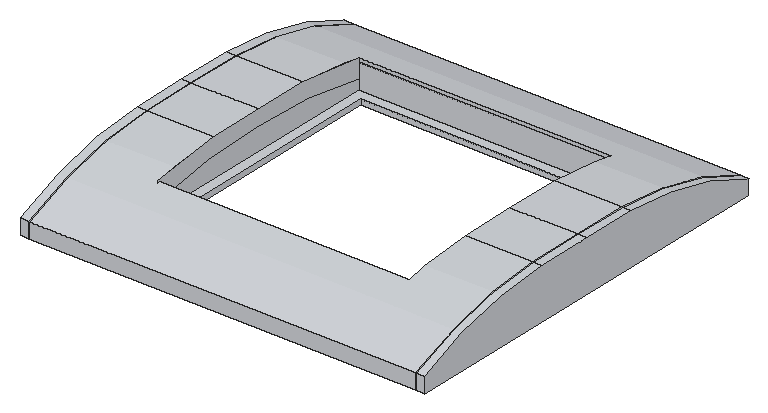
Revit family "Gira_100208", category Electrical Fixtures, host Face, Revit 2017
Family settings
  Host = Face
  Maintain Annotation Orientation = No
  Round Connector Dimension = Use Diameter
  Part Type = Normal
  Cut with Voids When Loaded = No
  Shared = No
  Room Calculation Point = No
Parameters (values of type "Cov.fr. 2-g w/o cb interm.fr. AN Gira Event anthra.")
  With mounting grid = "No"
  With hinged lid = "No"
  URL = "http://katalog.gira.de/en/datenblatt.html?artikelnr=100208"
  Type of fastening = "Clamp mounting"
  Transparent = "No"
  Surface protection = "Other"
  Suitable for wall duct = "No"
  Suitable for flush-mounted installation = "Yes"
  Suitable for floor box = "No"
  Suitable for built-in installation = "No"
  Number of units vertical = "2"
  Number of units horizontal = "2"
  Number of units = "2"
  Name = "Cov.fr. 2-g w/o cb interm.fr. AN Gira Event anthra."
  Mounting direction = "Horizontal and vertical"
  Material quality = "Thermoplastic"
  Material = "Plastic"
  Manufacturer URL = "https://www.gira.de/"
  Manufacturer = "Gira"
  Label space/information surface = "No"
  Keynote = ""
  HeinzeBIM = "https://bimportal.heinze.de/bim/cov-fr-2-g-w-o-cb-interm-fr-an-gira-event-anthra-/e5cde3b02b861177fd8d51e436e826e9887e5d41"
  Halogen free = "Yes"
  HAN = "100208"
  GTIN = "4010337002086"
  Description = "Cov.fr.2g w o cb i.fr.AN Event AN,Gira Event frames,anthracite with anthracite intermediate frame,2-gang without crossbar,Features:,- Shatter-proof."
  Degree of protection (IP) = "IP20"
  Default Elevation = 1219.2 mm
  Data sheet (1) = "https://katalog.gira.de/en/download.html?artikelnr=100208"
  Colour = "Anthracite"
  Category = "Cover frame for domestic switching devices"
  BIM (1) = "https://media.stage.bim.site/public/gira/36a6b08/Event_Rahmen_2fach o.Mittelsteg.rfa?public/gira/36a6b08/Event_Rahmen_2fach o.Mittelsteg.rfa"
  Available = "No"
Reference planes
  plane 1 "Center (Front/Back)": y = 0
  plane 2: z = 0
  plane 3 "Center (Left/Right)": x = 0
Forms (mm)
  Extrusion 1, solid, detail levels fine
    sketch origin (0, 0, 1.55) x (0, 1, 0) y (0, 0, 1)
      loop
        arc (12.445, 9.683) -> (6.223, 9.833) -> (0, 9.85) r 291.636
        arc (0, 9.85) -> (-6.223, 9.833) -> (-12.445, 9.683) r 291.636
        arc (-12.445, 9.683) -> (-29.14, 7.482) -> (-45, 1.823) r 79.728
        line (-45, 1.823) -> (-45, -1.55) -> (-41.777, -1.55) -> (-41.777, -0.55)
        arc (-41.777, -0.55) -> (-21.205, 4.846) -> (0, 6.467) r 118.15
        arc (0, 6.467) -> (21.205, 4.846) -> (41.777, -0.55) r 118.15
        line (41.777, -0.55) -> (41.777, -1.55) -> (45, -1.55) -> (45, 1.823)
        arc (45, 1.823) -> (29.14, 7.482) -> (12.445, 9.683) r 79.728
    from -43 to 43
  Extrusion 2, void, detail levels fine
    sketch origin (0, 0, 0) x (1, 0, 0) y (0, 1, 0)
      loop
        line (-28, -28) -> (28, -28) -> (28, 28) -> (-28, 28) -> (-28, -28)
    from 2.85 to 12
  Extrusion 3, solid, detail levels coarse
    sketch origin (0, 0, 0) x (1, 0, 0) y (0, 1, 0)
      loop
        line (-45, 45) -> (-45, -45) -> (45, -45) -> (45, 45) -> (-45, 45)
    from 0 to 11.4
  Extrusion 4, solid, detail levels medium
    sketch origin (0, 0, 1.55) x (0, 1, 0) y (0, 0, 1)
      loop
        arc (12.445, 9.683) -> (6.223, 9.833) -> (0, 9.85) r 291.636
        arc (0, 9.85) -> (-6.223, 9.833) -> (-12.445, 9.683) r 291.636
        arc (-12.445, 9.683) -> (-29.14, 7.482) -> (-45, 1.823) r 79.728
        line (-45, 1.823) -> (-45, -1.55) -> (45, -1.55) -> (45, 1.823)
        arc (45, 1.823) -> (29.14, 7.482) -> (12.445, 9.683) r 79.728
    from -45 to 45
  Extrusion 5, solid, detail levels fine
    sketch origin (0, 0, 0) x (0, 1, 0) y (0, 0, 1)
      loop
        arc (45, 3.373) -> (29.14, 9.032) -> (12.445, 11.233) r 79.728
        arc (12.445, 11.233) -> (6.223, 11.383) -> (0, 11.4) r 291.636
        arc (0, 11.4) -> (-6.223, 11.383) -> (-12.445, 11.233) r 291.636
        arc (-12.445, 11.233) -> (-29.14, 9.032) -> (-45, 3.373) r 79.728
        line (-45, 3.373) -> (-45, 0) -> (45, 0) -> (45, 3.373)
    from 43 to 45
  Extrusion 6, solid, detail levels fine
    sketch origin (0, 0, 0) x (0, 1, 0) y (0, 0, -1)
      loop
        line (45, -3.373) -> (45, 0) -> (-45, 0) -> (-45, -3.373)
        arc (-45, -3.373) -> (-29.14, -9.032) -> (-12.445, -11.233) r 79.728
        arc (-12.445, -11.233) -> (-6.223, -11.383) -> (0, -11.4) r 291.636
        arc (0, -11.4) -> (6.223, -11.383) -> (12.445, -11.233) r 291.636
        arc (12.445, -11.233) -> (29.14, -9.032) -> (45, -3.373) r 79.728
    from 43 to 45
  Extrusion 7, solid, detail levels fine
    sketch origin (0, 0, 0) x (1, 0, 0) y (0, 1, 0)
      loop
        line (-25.7, 25.7) -> (-25.7, -25.7) -> (25.7, -25.7) -> (25.7, 25.7) -> (-25.7, 25.7)
      loop
        line (-29.495, 27.895) -> (-29.495, -27.895)
        spline (-29.495, -27.895) -> (-29.486, -28.025) -> (-29.461, -28.154) -> (-29.419, -28.278) -> (-29.361, -28.395) -> (-29.288, -28.504) -> (-29.202, -28.602) -> (-29.104, -28.688) -> (-28.995, -28.761) -> (-28.878, -28.819) -> (-28.754, -28.861) -> (-28.625, -28.886) -> (-28.495, -28.895)
        line (-28.495, -28.895) -> (28.495, -28.895)
        spline (28.495, -28.895) -> (28.625, -28.886) -> (28.754, -28.861) -> (28.878, -28.819) -> (28.995, -28.761) -> (29.104, -28.688) -> (29.202, -28.602) -> (29.288, -28.504) -> (29.361, -28.395) -> (29.419, -28.278) -> (29.461, -28.154) -> (29.486, -28.025) -> (29.495, -27.895)
        line (29.495, -27.895) -> (29.495, 27.895)
        spline (29.495, 27.895) -> (29.486, 28.025) -> (29.461, 28.154) -> (29.419, 28.278) -> (29.361, 28.395) -> (29.288, 28.504) -> (29.202, 28.602) -> (29.104, 28.688) -> (28.995, 28.761) -> (28.878, 28.819) -> (28.754, 28.861) -> (28.625, 28.886) -> (28.495, 28.895)
        line (28.495, 28.895) -> (-28.495, 28.895)
        spline (-28.495, 28.895) -> (-28.625, 28.886) -> (-28.754, 28.861) -> (-28.878, 28.819) -> (-28.995, 28.761) -> (-29.104, 28.688) -> (-29.202, 28.602) -> (-29.288, 28.504) -> (-29.361, 28.395) -> (-29.419, 28.278) -> (-29.461, 28.154) -> (-29.486, 28.025) -> (-29.495, 27.895)
    from 1.673 to 8.5
Cuts and joins
  Extrusion 2 cuts Extrusion 1
  Extrusion 2 cuts Extrusion 7
Dimensions and locks
  aligned and locked: plane 2 to host face
  aligned and locked: level to host face
